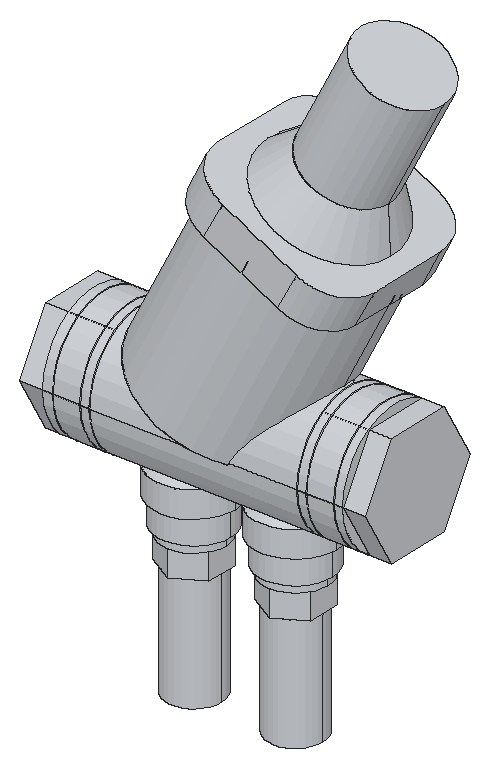
Revit family "Sigma_Compact_DN015_LF_RFA_2019", category Pipe Accessories, Revit 2019
Family settings
  Round Connector Dimension = Use Diameter
  Part Type = Valve - Breaks Into
  Work Plane-Based = No
  Always vertical = Yes
  Cut with Voids When Loaded = No
  Shared = No
Parameters (values of type "Sigma Compact DN 15 LF s měřením")
  magiProductId = "4a904ca02dcd4d4b8bc93e9b7121ab"
  magiProductFamilyId = "899bca4e67ce4698b7af5040674aaa"
  magiPartTypeId = 304
  isMeasuringValve [instance] = no
  ang2D [instance] = 0.00°
  Z6 = 26.1 mm
  Z5 = 60.9 mm
  Z4 = 52.2 mm
  Z3 = 8.7 mm
  Z2 = 43.5 mm
  XR2 = 25 mm
  XR1 = 13 mm
  W2D = 15 mm
  VersionID = "2.0/2018.12.13.2/FRESE_SIGMA_PLUG_Q13_001"
  Use Minimum Symbol Size [instance] = no
  URL = "www.hydronic.cz"
  Type Comments = "závitový; vnitřní závit; PN25; max dp=400kPa; -10~+120°C; max uzavírací tlak 1MPa"
  R4 = 15 mm
  R3 = 10 mm
  R2 = 14 mm
  R1 = 19 mm
  QmdConnectorList = "301;D;302;D"
  Productdata [instance] = ""
  NL__ve = -NL  # -15 mm
  NL = 15 mm
  Manufacturer = "Hydronic Systems Prague s.r.o."
  MC Use Limits From Balancing Method = no
  MC Throttling Minimum Value = 0
  MC Throttling Maximum Value = 0
  MC Product Code = "53-2200 DN15 FF s měřením; (40-900 l/h); kvs=2,6"
  MC Pressure Drop Minimum Value = 0.0 Pa
  MC Pressure Drop Maximum Value = 0.0 Pa
  MC Piping Given Pressure Drop [instance] = 0.0 Pa
  M5 = 32.5 mm
  M4 = 30.5 mm
  M3 = 24.5 mm
  M2 = 22.5 mm
  LP = 37.5 mm
  LM = 45 mm
  LL__ve = -LL  # -5.7 mm
  LLT__ve = -LLT  # -14.9 mm
  LLT = 14.9 mm
  LLL = 11 mm
  LL3 = 41 mm
  LL2 = 32 mm
  LL = 5.7 mm
  L3 = 11 mm
  L2D_Min = 30.48 mm
  L2D = 65 mm
  Description = "Automatický vyvažovací ventil"
  DR1 = no
  DR0 = yes
  DL2 = 66 mm
  D = 15 mm
  CenSd_R2_6 = R2 * cos(30.00°)  # 12.124 mm
  CAT0 = yes
  C0D1 = no
  C0D0 = yes
Types (3, lengths in mm): name | magiProductId | Z6 | Z5 | Z4 | Z3 | Z2 | R2 | NL__ve | NL | MC Product Code | M5 | M4 | M3 | M2 | LP | LM | LL__ve | LLT__ve | LLT | LLL | LL2 | LL | D | CenSd_R2_6
  Sigma Compact DN 15 LF s měřením | "4a904ca02dcd4d4b8bc93e9b7121ab" | 26.1 | 60.9 | 52.2 | 8.7 | 43.5 | 14 | -15 | 15 | "53-2200 DN15 FF s měřením; (40-900 l/h); kvs=2,6" | 32.5 | 30.5 | 24.5 | 22.5 | 37.5 | 45 | -5.7 | -14.9 | 14.9 | 11 | 32 | 5.7 | 15 | 12.124
  Sigma Compact DN 20 LF s měřením | "530dd69e715c4b5ea08f3ea7c41338" | 26.1 | 60.9 | 52.2 | 8.7 | 43.5 | 14 | -15.8 | 15.8 | "53-2202 DN20 FF s měřením; (86-1550 l/h); kvs=4,0" | 33.7 | 31.7 | 25.7 | 23.7 | 39.5 | 47.4 | -5.7 | -14.9 | 14.9 | 11 | 32 | 5.7 | 20 | 12.124
  Sigma Compact DN 25 LF s měřením | "bcbd50229c6f49259ed1f55c66b3ed" | 27 | 63 | 54 | 9 | 45 | 18 | -16.6 | 16.6 | "53-2208 DN25 FF s měřením; (95-2000 l/h); kvs=3,9" | 34.9 | 32.9 | 26.9 | 24.9 | 41.5 | 49.8 | -5.9 | -16.3 | 16.3 | 9 | 34 | 5.9 | 25 | 15.588
Reference planes
  plane 1 "Center (Front/Back)": y = 0
  plane 2 "XYPLANE": z = 0
  plane 3 "Center (Left/Right)": x = 0
  plane 4 "408": x = 37.5
  plane 5 "407": x = -37.5
  plane 6 "404": z = -35.3
  plane 7 "403": z = -41
  plane 8 "402": z = -66
  plane 9 "213": x = -11
  plane 10 "168": z = -10.9
  plane 11 "167": z = -12.9
  plane 12 "166": z = -18.6
  plane 13 "165": z = -24.3
  plane 14 "164": z = -26.3
  plane 15 "154": z = 0
  plane 16 "152": y = 0
  plane 17 "151": z = -32
  plane 18 "150": x = 11
  plane 19 "75": through (318.218, 0, 679.605) normal (0.891, 0, -0.454)
  plane 20 "74": x = 32.5
  plane 21 "73": x = 30.5
  plane 22 "72": x = 24.5
  plane 23 "71": x = 22.5
  plane 24 "70": x = -32.5
  plane 25 "69": x = -30.5
  plane 26 "68": x = -24.5
  plane 27 "67": y = 0
  plane 28 "66": through (-666.893, 0, 343.166) normal (0.454, 0, 0.891)
  plane 29 "65": x = -22.5
  plane 30 "64": through (335.147, 0, 670.979) normal (0.891, 0, -0.454)
  plane 31 "63": through (-648.506, 0, 379.252) normal (0.454, 0, 0.891)
  plane 32 "62": through (352.076, 0, 662.353) normal (0.891, 0, -0.454)
  plane 33 "61": y = 19
  plane 34 "60": y = -19
  plane 35 "59": through (-644.557, 0, 387.003) normal (0.454, 0, 0.891)
  plane 36 "58": through (-640.607, 0, 394.755) normal (0.454, 0, 0.891)
  plane 37 "56": x = 0
  plane 38 "55": through (-668.255, 0, 340.493) normal (0.454, 0, 0.891)
  plane 39 "102XY": through (-668.255, 0, 340.493) normal (0.454, 0, 0.891)
  plane 40 "102XZ": y = 0
  plane 41 "102YZ": through (340.493, 0, 668.255) normal (0.891, 0, -0.454)
Forms (mm)
  Extrusion 1, solid
    sketch origin (37.5, -750, 0) x (0, 1, 0) y (0, 0, 1)
      loop
        line (764, 0) -> (757, 12.124) -> (743, 12.124) -> (736, 0) -> (743, -12.124) -> (757, -12.124) -> (764, 0)
    from 0 to -15 <- "NL__ve"
  Extrusion 2, solid
    sketch origin (-37.5, -750, 0) x (0, 1, 0) y (0, 0, 1)
      loop
        line (736, 0) -> (743, -12.124) -> (757, -12.124) -> (764, 0) -> (757, 12.124) -> (743, 12.124) -> (736, 0)
    from 0 to 15 <- "NL"
  Extrusion 3, solid, visible <- "C0D1"
    sketch origin (-750, 0, -66) x (1, 0, 0) y (0, 1, 0)
      loop
        circle (739, 0) r 7
    from 0 to 50
  Extrusion 4, solid, visible <- "DR1"
    sketch origin (-750, 0, -35.3) x (1, 0, 0) y (0, 1, 0)
      loop
        line (739, -8) -> (745.928, -4) -> (745.928, 4) -> (739, 8) -> (732.072, 4) -> (732.072, -4) -> (739, -8)
    from 0 to -5.7 <- "LL__ve"
  Extrusion 5, solid, visible <- "DR1"
    sketch origin (-750, 0, -35.3) x (1, 0, 0) y (0, 1, 0)
      loop
        circle (739, 0) r 8
    from 0 to 11 <- "LLL"
  Extrusion 6, solid, visible <- "DR1"
    sketch origin (-750, 0, -24.3) x (1, 0, 0) y (0, 1, 0)
      loop
        circle (739, 0) r 9
    from 0 to 5.7 <- "LL"
  Extrusion 7, solid, visible <- "DR1"
    sketch origin (-750, 0, -18.6) x (1, 0, 0) y (0, 1, 0)
      loop
        circle (739, 0) r 10
    from 0 to 5.7 <- "LL"
  Blend 8, solid, visible <- "DR1"
    base sketch origin (-750, 0, -10.9) x (1, 0, 0) y (0, 1, 0)
      loop
        circle (739, 0) r 7.5
    top sketch origin (-750, 0, -10.9) x (1, 0, 0) y (0, 1, 0)
      loop
        circle (739, 0) r 10
    from 0 to -2
  Extrusion 9, solid, visible <- "DR1"
    sketch origin (-750, 0, 0) x (1, 0, 0) y (0, 1, 0)
      loop
        circle (739, 0) r 7.5
    from 0 to -14.9 <- "LLT__ve"
  Extrusion 10, solid, visible <- "C0D0"
    sketch origin (-750, 0, -32) x (1, 0, 0) y (0, 1, 0)
      loop
        circle (739, 0) r 6
    from 0 to -25
  Extrusion 11, solid, visible <- "DR0"
    sketch origin (-750, 0, -26.3) x (1, 0, 0) y (0, 1, 0)
      loop
        line (739, -7) -> (745.062, -3.5) -> (745.062, 3.5) -> (739, 7) -> (732.938, 3.5) -> (732.938, -3.5) -> (739, -7)
    from 0 to -5.7 <- "LL__ve"
  Extrusion 12, solid, visible <- "DR0"
    sketch origin (-750, 0, -26.3) x (1, 0, 0) y (0, 1, 0)
      loop
        circle (739, 0) r 7
    from 0 to 2
  Extrusion 13, solid, visible <- "DR0"
    sketch origin (-750, 0, -18.6) x (1, 0, 0) y (0, 1, 0)
      loop
        circle (739, 0) r 9
    from 0 to 5.7 <- "LL"
  Blend 14, solid, visible <- "DR0"
    base sketch origin (-750, 0, -10.9) x (1, 0, 0) y (0, 1, 0)
      loop
        circle (739, 0) r 6.5
    top sketch origin (-750, 0, -10.9) x (1, 0, 0) y (0, 1, 0)
      loop
        circle (739, 0) r 9
    from 0 to -2
  Extrusion 15, solid, visible <- "DR0"
    sketch origin (-750, 0, 0) x (1, 0, 0) y (0, 1, 0)
      loop
        circle (739, 0) r 6.5
    from 0 to -14.9 <- "LLT__ve"
  Extrusion 16, solid, visible <- "DR0"
    sketch origin (-750, 0, 0) x (1, 0, 0) y (0, 1, 0)
      loop
        circle (739, 0) r 6.5
    from 0 to -14.9 <- "LLT__ve"
  Blend 17, solid, visible <- "DR0"
    base sketch origin (-750, 0, -10.9) x (1, 0, 0) y (0, 1, 0)
      loop
        circle (739, 0) r 6.5
    top sketch origin (-750, 0, -10.9) x (1, 0, 0) y (0, 1, 0)
      loop
        circle (739, 0) r 9
    from 0 to -2
  Extrusion 18, solid, visible <- "DR0"
    sketch origin (-750, 0, -18.6) x (1, 0, 0) y (0, 1, 0)
      loop
        circle (739, 0) r 9
    from 0 to 5.7 <- "LL"
  Extrusion 19, solid, visible <- "DR0"
    sketch origin (-750, 0, -24.3) x (1, 0, 0) y (0, 1, 0)
      loop
        circle (739, 0) r 8
    from 0 to 5.7 <- "LL"
  Extrusion 20, solid, visible <- "DR0"
    sketch origin (-750, 0, -26.3) x (1, 0, 0) y (0, 1, 0)
      loop
        circle (739, 0) r 7
    from 0 to 2
  Extrusion 21, solid, visible <- "DR0"
    sketch origin (-750, 0, -26.3) x (1, 0, 0) y (0, 1, 0)
      loop
        line (739, -7) -> (745.062, -3.5) -> (745.062, 3.5) -> (739, 7) -> (732.938, 3.5) -> (732.938, -3.5) -> (739, -7)
    from 0 to -5.7 <- "LL__ve"
  Extrusion 22, solid, visible <- "C0D0"
    sketch origin (-750, 0, -32) x (1, 0, 0) y (0, 1, 0)
      loop
        circle (739, 0) r 6
    from 0 to -25
  Extrusion 23, solid, visible <- "CAT0"
    sketch origin (-750, 0, -32) x (1, 0, 0) y (0, 1, 0)
      loop
        circle (761, 0) r 6
    from 0 to -25
  Extrusion 24, solid
    sketch origin (-750, 0, -26.3) x (1, 0, 0) y (0, 1, 0)
      loop
        line (761, -7) -> (767.062, -3.5) -> (767.062, 3.5) -> (761, 7) -> (754.938, 3.5) -> (754.938, -3.5) -> (761, -7)
    from 0 to -5.7 <- "LL__ve"
  Extrusion 25, solid
    sketch origin (-750, 0, -26.3) x (1, 0, 0) y (0, 1, 0)
      loop
        circle (761, 0) r 7
    from 0 to 2
  Extrusion 26, solid
    sketch origin (-750, 0, -24.3) x (1, 0, 0) y (0, 1, 0)
      loop
        circle (761, 0) r 8
    from 0 to 5.7 <- "LL"
  Extrusion 27, solid
    sketch origin (-750, 0, -18.6) x (1, 0, 0) y (0, 1, 0)
      loop
        circle (761, 0) r 9
    from 0 to 5.7 <- "LL"
  Blend 28, solid
    base sketch origin (-750, 0, -10.9) x (1, 0, 0) y (0, 1, 0)
      loop
        circle (761, 0) r 6.5
    top sketch origin (-750, 0, -10.9) x (1, 0, 0) y (0, 1, 0)
      loop
        circle (761, 0) r 9
    from 0 to -2
  Extrusion 29, solid
    sketch origin (-750, 0, 0) x (1, 0, 0) y (0, 1, 0)
      loop
        circle (761, 0) r 6.5
    from 0 to -14.9 <- "LLT__ve"
  Blend 30, solid, visible <- "CAT0"
    base sketch origin (30.5, -750, 0) x (0, 1, 0) y (0, 0, 1)
      loop
        circle (750, 0) r 14
    top sketch origin (30.5, -750, 0) x (0, 1, 0) y (0, 0, 1)
      loop
        circle (750, 0) r 14
    from 0 to 2
  Extrusion 31, solid, visible <- "CAT0"
    sketch origin (24.5, -750, 0) x (0, 1, 0) y (0, 0, 1)
      loop
        circle (750, 0) r 14
    from 0 to 6
  Blend 32, solid, visible <- "CAT0"
    base sketch origin (22.5, -750, 0) x (0, 1, 0) y (0, 0, 1)
      loop
        circle (750, 0) r 14
    top sketch origin (22.5, -750, 0) x (0, 1, 0) y (0, 0, 1)
      loop
        circle (750, 0) r 14
    from 0 to 2
  Blend 33, solid, visible <- "CAT0"
    base sketch origin (-30.5, -750, 0) x (0, 1, 0) y (0, 0, 1)
      loop
        circle (750, 0) r 14
    top sketch origin (-30.5, -750, 0) x (0, 1, 0) y (0, 0, 1)
      loop
        circle (750, 0) r 14
    from 0 to -2
  Extrusion 34, solid, visible <- "CAT0"
    sketch origin (-30.5, -750, 0) x (0, 1, 0) y (0, 0, 1)
      loop
        circle (750, 0) r 14
    from 0 to 6
  Blend 35, solid, visible <- "CAT0"
    base sketch origin (-24.5, -750, 0) x (0, 1, 0) y (0, 0, 1)
      loop
        circle (750, 0) r 14
    top sketch origin (-24.5, -750, 0) x (0, 1, 0) y (0, 0, 1)
      loop
        circle (750, 0) r 14
    from 0 to 2
  Extrusion 36, solid, visible <- "CAT0"
    sketch origin (-22.5, -750, 0) x (0, 1, 0) y (0, 0, 1)
      loop
        circle (750, 0) r 14
    from 0 to 45 <- "LM"
  Extrusion 37, solid, visible <- "CAT0"
    sketch origin (-666.893, 0, 343.166) x (0.891007, 0, -0.45399) y (0, 1, 0)
      loop
        circle (744, 0) r 19
    from 0 to 43.5 <- "Z2"
  Extrusion 38, solid, visible <- "CAT0"
    sketch origin (-648.506, 0, 379.252) x (0.891007, 0, -0.45399) y (0, 1, 0)
      loop
        arc (735, 19) -> (727.929, 16.071) -> (725, 9) r 10
        line (725, 9) -> (725, -9)
        arc (725, -9) -> (727.929, -16.071) -> (735, -19) r 10
        line (735, -19) -> (753, -19)
        arc (753, -19) -> (760.071, -16.071) -> (763, -9) r 10
        line (763, -9) -> (763, 9)
        arc (763, 9) -> (760.071, 16.071) -> (753, 19) r 10
        line (753, 19) -> (735, 19)
    from 0 to 8.7 <- "Z3"
  Blend 39, solid, visible <- "CAT0"
    base sketch origin (-644.557, 0, 387.003) x (0.891007, 0, -0.45399) y (0, 1, 0)
      loop
        circle (744, 0) r 15
    top sketch origin (-644.557, 0, 387.003) x (0.891007, 0, -0.45399) y (0, 1, 0)
      loop
        circle (744, 0) r 10
    from 0 to 8.7
  Extrusion 40, solid, visible <- "CAT0"
    sketch origin (-640.607, 0, 394.755) x (0.891007, 0, -0.45399) y (0, 1, 0)
      loop
        circle (744, 0) r 10
    from 0 to 26.1 <- "Z6"
  Blend 41, solid, visible <- "CAT0"
    base sketch origin (-668.255, 0, 340.493) x (0.891007, 0, -0.45399) y (0, 1, 0)
      loop
        circle (744, 0) r 15
    top sketch origin (-668.255, 0, 340.493) x (0.891007, 0, -0.45399) y (0, 1, 0)
      loop
        circle (744, 0) r 19
    from 0 to 3
  Extrusion 42, solid, not visible
    sketch origin (-32.5, -750, 0) x (0, 1, 0) y (0, 0, 1)
      loop
        circle (750, 0) r 10
    from 0 to 10
  Extrusion 43, solid, not visible
    sketch origin (32.5, -750, 0) x (0, 1, 0) y (0, 0, 1)
      loop
        circle (750, 0) r 10
    from 0 to -10
Lines and regions (mm)
  reference lines, not visible
    curve 1: circle (2, 2, 0) r 1 normal (0, 0, 1)
  reference lines
    curve 2: line (37.5, 0, 0) -> (37.5, -3.5, 6.062)
    curve 3: line (37.5, 0, 0) -> (37.5, -7, 0)
    curve 4: line (37.5, 0, 0) -> (37.5, -3.5, -6.062)
    curve 5: line (-37.5, 0, 0) -> (-37.5, 3.5, 6.062)
    curve 6: line (-37.5, 0, 0) -> (-37.5, 7, 0)
    curve 7: line (-37.5, 0, 0) -> (-37.5, 3.5, -6.062)
Dimensions and locks
  plane 1 "Center (Front/Back)" to curve 1 = 2 mm
  "LP": plane 37 "56" to plane 4 "408"
  "LP": plane 37 "56" to plane 5 "407"
  "LL": plane 7 "403" to plane 6 "404"
  "LL3": plane 2 "XYPLANE" to plane 7 "403"
  "DL2": plane 2 "XYPLANE" to plane 8 "402"
  "L3": plane 3 "Center (Left/Right)" to plane 9 "213"
  locked: plane 11 "167" to plane 10 "168" at 2
  "LL": plane 12 "166" to plane 11 "167"
  "LL": plane 13 "165" to plane 12 "166"
  locked: plane 14 "164" to plane 13 "165" at 2
  "LL": plane 17 "151" to plane 14 "164"
  locked: plane 2 "XYPLANE" to plane 15 "154"
  locked: plane 1 "Center (Front/Back)" to plane 16 "152"
  "LL2": plane 2 "XYPLANE" to plane 17 "151"
  "L3": plane 3 "Center (Left/Right)" to plane 18 "150"
  "XR2": plane 41 "102YZ" to plane 19 "75"
  "M5": plane 3 "Center (Left/Right)" to plane 20 "74"
  "M4": plane 3 "Center (Left/Right)" to plane 21 "73"
  "M3": plane 3 "Center (Left/Right)" to plane 22 "72"
  "M2": plane 3 "Center (Left/Right)" to plane 23 "71"
  "M5": plane 3 "Center (Left/Right)" to plane 24 "70"
  "M4": plane 3 "Center (Left/Right)" to plane 25 "69"
  "M3": plane 3 "Center (Left/Right)" to plane 26 "68"
  locked: plane 16 "152" to plane 27 "67"
  locked: plane 39 "102XY" to plane 28 "66" at 3
  "M2": plane 3 "Center (Left/Right)" to plane 29 "65"
  locked: plane 41 "102YZ" to plane 30 "64" at 6
  "Z2": plane 39 "102XY" to plane 31 "63"
  "XR1": plane 41 "102YZ" to plane 32 "62"
  "R1": plane 16 "152" to plane 33 "61"
  "R1": plane 16 "152" to plane 34 "60"
  "Z4": plane 39 "102XY" to plane 35 "59"
  "Z5": plane 39 "102XY" to plane 36 "58"
  locked: plane 3 "Center (Left/Right)" to plane 37 "56"
  locked: plane 39 "102XY" to plane 38 "55"
  "CenSd_R2_6": curve 2 to Extrusion 1 sketch curve  (x2)
  "CenSd_R2_6": curve 3 to Extrusion 1 sketch curve  (x2)
  "CenSd_R2_6": curve 4 to Extrusion 1 sketch curve  (x2)
  Extrusion 1 sketch curve to Extrusion 1 sketch curve = 0 mm  (x12)
  "CenSd_R2_6": curve 5 to Extrusion 2 sketch curve  (x2)
  "CenSd_R2_6": curve 6 to Extrusion 2 sketch curve  (x2)
  "CenSd_R2_6": curve 7 to Extrusion 2 sketch curve  (x2)
  Extrusion 2 sketch curve to Extrusion 2 sketch curve = 0 mm  (x12)
  Extrusion 4 sketch curve to Extrusion 4 sketch curve = 0 mm  (x12)
  Extrusion 11 sketch curve to Extrusion 11 sketch curve = 0 mm  (x12)
  Extrusion 21 sketch curve to Extrusion 21 sketch curve = 0 mm  (x12)
  Extrusion 24 sketch curve to Extrusion 24 sketch curve = 0 mm  (x12)
  Extrusion 38 sketch curve to Extrusion 38 sketch curve = 0 mm  (x16)
  "R2": radius of Blend 30 sketch curve  (x2)
  "R2": radius of Extrusion 31 sketch curve
  "R2": radius of Blend 32 sketch curve  (x2)
  "R2": radius of Blend 33 sketch curve  (x2)
  "R2": radius of Extrusion 34 sketch curve
  "R2": radius of Blend 35 sketch curve  (x2)
  "R2": radius of Extrusion 36 sketch curve
  "R1": radius of Extrusion 37 sketch curve
  radius of Extrusion 38 sketch curve = 10 mm  (x4)
  "R3": radius of Blend 39 sketch curve
  "R4": radius of Blend 39 sketch curve
  "R3": radius of Extrusion 40 sketch curve
  "R1": radius of Blend 41 sketch curve
  locked: curve 3 to curve 2 (angle 60.00°)
  locked: curve 4 to curve 3 (angle 60.00°)
  locked: curve 4 to curve 2 (angle 120.00°)
  locked: curve 6 to curve 5 (angle 60.00°)
  locked: curve 7 to curve 6 (angle 60.00°)
  locked: curve 7 to curve 5 (angle 120.00°)
  aligned and locked: level to plane 2 "XYPLANE"
  aligned and locked: plane 15 "154" to curve 4
  aligned and locked: curve 4 to plane 16 "152"
  aligned and locked: plane 15 "154" to curve 7
  aligned and locked: curve 7 to plane 16 "152"
  aligned and locked: plane 9 "213" to Extrusion 3 sketch curve
  aligned and locked: plane 16 "152" to Extrusion 3 sketch curve
  aligned and locked: plane 9 "213" to Extrusion 5 sketch curve
  aligned and locked: plane 16 "152" to Extrusion 5 sketch curve
  aligned and locked: plane 9 "213" to Extrusion 6 sketch curve
  aligned and locked: plane 16 "152" to Extrusion 6 sketch curve
  aligned and locked: plane 9 "213" to Extrusion 7 sketch curve
  aligned and locked: plane 16 "152" to Extrusion 7 sketch curve
  aligned and locked: plane 9 "213" to Blend 8 sketch curve  (x2)
  aligned and locked: plane 16 "152" to Blend 8 sketch curve  (x2)
  aligned and locked: Blend 8 to plane 11 "167"
  aligned and locked: plane 9 "213" to Extrusion 9 sketch curve
  aligned and locked: plane 16 "152" to Extrusion 9 sketch curve
  aligned and locked: plane 9 "213" to Extrusion 10 sketch curve
  aligned and locked: plane 16 "152" to Extrusion 10 sketch curve
  aligned and locked: plane 9 "213" to Extrusion 12 sketch curve
  aligned and locked: plane 16 "152" to Extrusion 12 sketch curve
  aligned and locked: plane 9 "213" to Extrusion 13 sketch curve
  aligned and locked: plane 16 "152" to Extrusion 13 sketch curve
  aligned and locked: plane 9 "213" to Blend 14 sketch curve  (x2)
  aligned and locked: plane 16 "152" to Blend 14 sketch curve  (x2)
  aligned and locked: Blend 14 to plane 11 "167"
  aligned and locked: plane 9 "213" to Extrusion 15 sketch curve
  aligned and locked: plane 16 "152" to Extrusion 15 sketch curve
  aligned and locked: plane 9 "213" to Extrusion 16 sketch curve
  aligned and locked: plane 16 "152" to Extrusion 16 sketch curve
  aligned and locked: plane 9 "213" to Blend 17 sketch curve  (x2)
  aligned and locked: plane 16 "152" to Blend 17 sketch curve  (x2)
  aligned and locked: Blend 17 to plane 11 "167"
  aligned and locked: plane 9 "213" to Extrusion 18 sketch curve
  aligned and locked: plane 16 "152" to Extrusion 18 sketch curve
  aligned and locked: plane 9 "213" to Extrusion 19 sketch curve
  aligned and locked: plane 16 "152" to Extrusion 19 sketch curve
  aligned and locked: plane 9 "213" to Extrusion 20 sketch curve
  aligned and locked: plane 16 "152" to Extrusion 20 sketch curve
  aligned and locked: plane 9 "213" to Extrusion 22 sketch curve
  aligned and locked: plane 16 "152" to Extrusion 22 sketch curve
  aligned and locked: plane 16 "152" to Extrusion 23 sketch curve
  aligned and locked: plane 18 "150" to Extrusion 23 sketch curve
  aligned and locked: plane 16 "152" to Extrusion 25 sketch curve
  aligned and locked: plane 18 "150" to Extrusion 25 sketch curve
  aligned and locked: plane 16 "152" to Extrusion 26 sketch curve
  aligned and locked: plane 18 "150" to Extrusion 26 sketch curve
  aligned and locked: plane 16 "152" to Extrusion 27 sketch curve
  aligned and locked: plane 18 "150" to Extrusion 27 sketch curve
  aligned and locked: plane 16 "152" to Blend 28 sketch curve  (x2)
  aligned and locked: plane 18 "150" to Blend 28 sketch curve  (x2)
  aligned and locked: Blend 28 to plane 11 "167"
  aligned and locked: plane 16 "152" to Extrusion 29 sketch curve
  aligned and locked: plane 18 "150" to Extrusion 29 sketch curve
  aligned and locked: plane 15 "154" to Blend 30 sketch curve  (x2)
  aligned and locked: Blend 30 sketch curve to plane 16 "152"  (x2)
  aligned and locked: plane 20 "74" to Blend 30
  aligned and locked: plane 15 "154" to Extrusion 31 sketch curve
  aligned and locked: Extrusion 31 sketch curve to plane 16 "152"
  aligned and locked: plane 15 "154" to Blend 32 sketch curve  (x2)
  aligned and locked: Blend 32 sketch curve to plane 16 "152"  (x2)
  aligned and locked: plane 22 "72" to Blend 32
  aligned and locked: plane 15 "154" to Blend 33 sketch curve  (x2)
  aligned and locked: Blend 33 sketch curve to plane 16 "152"  (x2)
  aligned and locked: Blend 33 to plane 24 "70"
  aligned and locked: plane 15 "154" to Extrusion 34 sketch curve
  aligned and locked: Extrusion 34 sketch curve to plane 16 "152"
  aligned and locked: plane 15 "154" to Blend 35 sketch curve  (x2)
  aligned and locked: Blend 35 sketch curve to plane 16 "152"  (x2)
  aligned and locked: plane 29 "65" to Blend 35
  aligned and locked: plane 15 "154" to Extrusion 36 sketch curve
  aligned and locked: Extrusion 36 sketch curve to plane 16 "152"
  aligned and locked: plane 27 "67" to Extrusion 37 sketch curve
  aligned and locked: Extrusion 37 sketch curve to plane 30 "64"
  aligned and locked: Extrusion 38 sketch curve to plane 19 "75"
  aligned and locked: Extrusion 38 sketch curve to plane 34 "60"
  aligned and locked: Extrusion 38 sketch curve to plane 32 "62"
  aligned and locked: plane 33 "61" to Extrusion 38 sketch curve
  aligned and locked: plane 27 "67" to Blend 39 sketch curve  (x2)
  aligned and locked: Blend 39 sketch curve to plane 30 "64"  (x2)
  aligned and locked: plane 36 "58" to Blend 39
  aligned and locked: plane 27 "67" to Extrusion 40 sketch curve
  aligned and locked: Extrusion 40 sketch curve to plane 30 "64"
  aligned and locked: plane 27 "67" to Blend 41 sketch curve  (x2)
  aligned and locked: Blend 41 sketch curve to plane 30 "64"  (x2)
  aligned and locked: plane 28 "66" to Blend 41
  aligned and locked: plane 15 "154" to Extrusion 42 sketch curve
  aligned and locked: Extrusion 42 sketch curve to plane 16 "152"
  aligned and locked: plane 15 "154" to Extrusion 43 sketch curve
  aligned and locked: Extrusion 43 sketch curve to plane 16 "152"
Automatic sketch dimensions
  plane 29 "65" to Extrusion 3 sketch curve = 4.5 mm
  Extrusion 4 sketch curve to plane 9 "213" = 0 mm  (x2)
  plane 29 "65" to Extrusion 4 sketch curve = 4.572 mm
  Extrusion 4 sketch curve to plane 3 "Center (Left/Right)" = 4.072 mm
  plane 1 "Center (Front/Back)" to Extrusion 4 sketch curve = 8 mm
  plane 1 "Center (Front/Back)" to Extrusion 4 sketch curve = 4 mm  (x2)
  Extrusion 4 sketch curve to plane 1 "Center (Front/Back)" = 4 mm  (x2)
  Extrusion 4 sketch curve to Extrusion 4 sketch curve = 4 mm
  plane 29 "65" to Extrusion 5 sketch curve = 3.5 mm
  plane 29 "65" to Extrusion 6 sketch curve = 2.5 mm
  plane 29 "65" to Extrusion 7 sketch curve = 1.5 mm
  plane 29 "65" to Blend 8 sketch curve = 4 mm
  plane 29 "65" to Blend 8 sketch curve = 1.5 mm
  plane 29 "65" to Extrusion 9 sketch curve = 4 mm
  plane 29 "65" to Extrusion 10 sketch curve = 5.5 mm
  Extrusion 11 sketch curve to plane 9 "213" = 0 mm  (x2)
  plane 29 "65" to Extrusion 11 sketch curve = 5.438 mm
  Extrusion 11 sketch curve to plane 3 "Center (Left/Right)" = 4.938 mm
  plane 1 "Center (Front/Back)" to Extrusion 11 sketch curve = 7 mm
  plane 1 "Center (Front/Back)" to Extrusion 11 sketch curve = 3.5 mm  (x2)
  Extrusion 11 sketch curve to plane 1 "Center (Front/Back)" = 3.5 mm  (x2)
  Extrusion 11 sketch curve to Extrusion 11 sketch curve = 3.5 mm
  plane 29 "65" to Extrusion 12 sketch curve = 4.5 mm
  plane 29 "65" to Extrusion 13 sketch curve = 2.5 mm
  plane 29 "65" to Blend 14 sketch curve = 5 mm
  plane 29 "65" to Blend 14 sketch curve = 2.5 mm
  plane 29 "65" to Extrusion 15 sketch curve = 5 mm
  plane 29 "65" to Extrusion 16 sketch curve = 5 mm
  plane 29 "65" to Blend 17 sketch curve = 5 mm
  plane 29 "65" to Blend 17 sketch curve = 2.5 mm
  plane 29 "65" to Extrusion 18 sketch curve = 2.5 mm
  plane 29 "65" to Extrusion 19 sketch curve = 3.5 mm
  plane 29 "65" to Extrusion 20 sketch curve = 4.5 mm
  Extrusion 21 sketch curve to plane 9 "213" = 0 mm  (x2)
  plane 29 "65" to Extrusion 21 sketch curve = 5.438 mm
  Extrusion 21 sketch curve to plane 3 "Center (Left/Right)" = 4.938 mm
  plane 1 "Center (Front/Back)" to Extrusion 21 sketch curve = 7 mm
  plane 1 "Center (Front/Back)" to Extrusion 21 sketch curve = 3.5 mm  (x2)
  Extrusion 21 sketch curve to plane 1 "Center (Front/Back)" = 3.5 mm  (x2)
  Extrusion 21 sketch curve to Extrusion 21 sketch curve = 3.5 mm
  plane 29 "65" to Extrusion 22 sketch curve = 5.5 mm
  plane 3 "Center (Left/Right)" to Extrusion 23 sketch curve = 5 mm
  Extrusion 24 sketch curve to plane 18 "150" = 0 mm  (x2)
  plane 3 "Center (Left/Right)" to Extrusion 24 sketch curve = 4.938 mm
  Extrusion 24 sketch curve to plane 23 "71" = 5.438 mm
  plane 1 "Center (Front/Back)" to Extrusion 24 sketch curve = 7 mm
  plane 1 "Center (Front/Back)" to Extrusion 24 sketch curve = 3.5 mm  (x2)
  Extrusion 24 sketch curve to plane 1 "Center (Front/Back)" = 3.5 mm  (x2)
  Extrusion 24 sketch curve to Extrusion 24 sketch curve = 3.5 mm
  plane 3 "Center (Left/Right)" to Extrusion 25 sketch curve = 4 mm
  plane 3 "Center (Left/Right)" to Extrusion 26 sketch curve = 3 mm
  plane 3 "Center (Left/Right)" to Extrusion 27 sketch curve = 2 mm
  plane 3 "Center (Left/Right)" to Blend 28 sketch curve = 4.5 mm
  plane 3 "Center (Left/Right)" to Blend 28 sketch curve = 2 mm
  plane 3 "Center (Left/Right)" to Extrusion 29 sketch curve = 4.5 mm
  plane 19 "75" to Blend 41 sketch curve = 4 mm
  plane 34 "60" to Extrusion 42 sketch curve = 9 mm
  plane 34 "60" to Extrusion 43 sketch curve = 9 mm
  plane 3 "Center (Left/Right)" to curve 1 = 2 mm
  radius of curve 1 = 1 mm
Connectors
  piping at (-32.5, 0, 0), diameter 15, driven by "D"
    settings: on Extrusion 42, index 1, connector inside diameter 609.6 mm, connector length 0 mm, flow factor 0, pipe flow 0.0 L/s, pressure drop 0.0 Pa, fitting loss kfactor 0, connector angle 0.00°, fixture units 0, engagement length 0 mm, angle of deflection 0.00°, flow configuration 0, flow direction 0, fitting loss method 0, system type 29, joint type 0, gender type 0, connector reference index 2, connector utility 0, adjustable connector no, is connector primary yes, connector description ""
  piping at (32.5, 0, 0), diameter 15, driven by "D"
    settings: on Extrusion 43, index 2, connector inside diameter 609.6 mm, connector length 0 mm, flow factor 0, pipe flow 0.0 L/s, pressure drop 0.0 Pa, fitting loss kfactor 0, connector angle 0.00°, fixture units 0, engagement length 0 mm, angle of deflection 0.00°, flow configuration 0, flow direction 0, fitting loss method 0, system type 29, joint type 0, gender type 0, connector reference index 1, connector utility 0, adjustable connector no, is connector primary no, connector description ""
